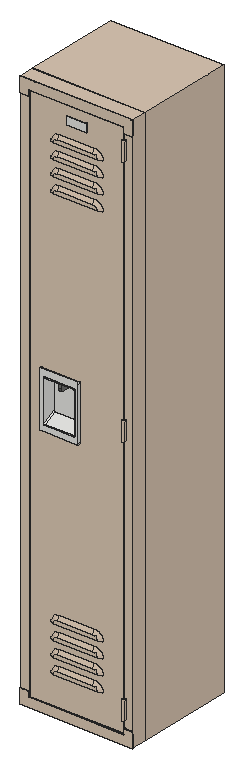
Revit family "Locker_SalsburyInd_Metal-1-Tier-Single", category Specialty Equipment, Revit 2024 (continued)
Definition of nested family "ML_Base Type"
  Automatic sketch dimensions
    plane 14 to Extrusion 2 sketch curve = 0.000"
    Extrusion 2 sketch curve to plane 5 "Left Side of Unit" = 0.000"
    plane 8 "Front of Unit" to Extrusion 2 sketch curve = 0.000"
    Extrusion 2 sketch curve to plane 20 "Inside Edge or Left Rear Leg" = 0.000"
    plane 14 to Extrusion 2 sketch curve = 0.060"
    plane 8 "Front of Unit" to Extrusion 2 sketch curve = 0.060"
    plane 10 "Left Side of Door Opening" to Extrusion 2 sketch curve = 0.060"
    plane 5 "Left Side of Unit" to Extrusion 2 sketch curve = 0.060"
    plane 11 "Back Edge of Front Facing" to Extrusion 1 sketch curve = 0.000"
    Extrusion 1 sketch curve to plane 13 "Inside Edge of Right Leg" = 0.000"
    plane 14 to Extrusion 1 sketch curve = 0.000"
    Extrusion 1 sketch curve to plane 6 "Right Side of Unit" = 0.000"
    plane 8 "Front of Unit" to Extrusion 1 sketch curve = 0.000"
    Extrusion 1 sketch curve to plane 19 "Inside Edge or Rear Right Leg" = 0.000"
    Extrusion 1 sketch curve to plane 14 = 0.060"
    Extrusion 1 sketch curve to plane 8 "Front of Unit" = 0.060"
    plane 9 "Right Side of Door Opening" to Extrusion 1 sketch curve = 0.060"
    plane 6 "Right Side of Unit" to Extrusion 1 sketch curve = 0.060"
Definition of nested family "ML_Base Side"
  Parameters (values of type "Zee Base Corner")
    Zee Corner = yes
    Zee = no
    Width including Rivet [instance] = 1.290"
    Leg = no
    Locker Depth [instance] = 12.010"
    Version = "1.0 (11/30/15)"
    Type Comments = "End Base for Standard Metal Lockers"
    Model = ""
    MasterFormat Title = ""
    MasterFormat Number = ""
    Manufacturer = "Salsbury Industries"
    Finish [instance] = none
    Description = ""
    Width = 4.000"
    Height = 4.000"
    Default Elevation = 0.000"
    Assembly Code = ""
  Types (4): name | Zee Corner | Zee | Leg | Locker Depth
    Leg Side Base Cover | no | no | yes | 10.362"
    Zee Base Cover | no | yes | no | 12.010"
    None | yes | no | no | 10.362"
    Zee Base Corner | yes | no | no | 12.010"
  Reference planes (in)
    plane 1 "Center (Front/Back)": y = 0
    plane 2: z = 0
    plane 3 "Center (Left/Right)": x = 3.99
    plane 4 "Floor": z = 0
    plane 5 "Locker Edge": x = 5.99
    plane 6 "Left Edge of Enclosure": y = -4.357
    plane 7 "Right Edge of Enclosure": y = 6.005
    plane 8 "Bottom Edge of Enclosure": z = 0.06
    plane 9 "Left Edge of Base": x = 1.99
    plane 10: y = -6.005
  Forms (in)
    Extrusion 1, solid, material <- "Finish", visible <- "Zee"
      sketch origin (0, 0, 0) x (0, -1, 0) y (1, 0, 0)
        loop
          line (-6.005, 1.99) -> (4.357, 1.99) -> (4.357, 5.99) -> (-6.005, 5.99) -> (-6.005, 1.99)
      from 0.06 to 4
    Extrusion 2, solid, material <- "Finish", visible <- "Leg"
      sketch origin (5.99, 0.794, 0) x (0, 0, -1) y (0, -1, 0)
        loop
          line (-6, 5.211) -> (-6, -4.211) -> (-0.06, -4.211) -> (-0.06, 5.211) -> (-6, 5.211)
      from 0 to 1.25
    Extrusion 3, solid, material <- "Finish", visible <- "Zee Corner"
      sketch origin (6.99, -5.357, 0) x (1, 0, 0) y (0, 1, 0)
        loop
          line (-1, 1) -> (-1, 0.94) -> (0.94, 0.94) -> (0.94, -1) -> (1, -1) -> (1, 1) -> (-1, 1)
      from 0 to 3.94
  Dimensions and locks (in)
    "Width": plane 9 "Left Edge of Base" to plane 5 "Locker Edge"
    equal spacing: plane 9 "Left Edge of Base", plane 3 "Center (Left/Right)", plane 5 "Locker Edge"
    locked: plane 4 "Floor" to plane 8 "Bottom Edge of Enclosure" at 0.06
    equal spacing: plane 10, plane 1 "Center (Front/Back)", plane 7 "Right Edge of Enclosure"
    "Locker Depth": plane 10 to plane 7 "Right Edge of Enclosure"
    locked: plane 6 "Left Edge of Enclosure" to plane 10 at 1.648
    locked: plane 10 to Extrusion 2 sketch curve at 1.588
    locked: Extrusion 2 sketch curve to plane 7 "Right Edge of Enclosure" at 1
    aligned and locked: level to plane 2
    aligned and locked: Extrusion 1 to plane 7 "Right Edge of Enclosure"
    aligned and locked: plane 8 "Bottom Edge of Enclosure" to Extrusion 1
    aligned and locked: Extrusion 1 sketch curve to plane 9 "Left Edge of Base"
  Automatic sketch dimensions
    Extrusion 1 sketch curve to plane 5 "Locker Edge" = 0.000"
    plane 7 "Right Edge of Enclosure" to Extrusion 1 sketch curve = 0.000"
    Extrusion 1 sketch curve to plane 6 "Left Edge of Enclosure" = 0.000"
    level to Extrusion 2 sketch curve = 0.060"
    Extrusion 2 sketch curve to plane 8 "Bottom Edge of Enclosure" = 5.940"
    Extrusion 3 sketch curve to plane 5 "Locker Edge" = 0.000"
    plane 6 "Left Edge of Enclosure" to Extrusion 3 sketch curve = 0.000"
    plane 6 "Left Edge of Enclosure" to Extrusion 3 sketch curve = 0.060"
    Extrusion 3 sketch curve to Extrusion 3 sketch curve = 1.940"
    Extrusion 3 sketch curve to Extrusion 3 sketch curve = 0.060"
    Extrusion 3 sketch curve to plane 10 = 0.352"
Definition of nested family "ML_End Panel"
  Parameters (values of type "Double")
    controldepth [instance] = if(Single End Panel, Depth, Depth * 2)  # 24.020"
    Width = 0.925"
    Visible = yes
    Version = "1.0 (11/30/15)"
    Type Comments = "Finished Double End Panel for Standard Metal Lockers"
    Single End Panel = no
    Model = ""
    MasterFormat Title = ""
    MasterFormat Number = ""
    Manufacturer = "Salsbury Industries"
    Height [instance] = 60.000"
    Finish [instance] = none
    Description = "Double End Panel"
    Depth [instance] = 12.010"
    Default Elevation = 0.000"
    Base Height [instance] = 0.750"
    Assembly Code = ""
  Types (3): name | controldepth | Visible | Type Comments | Single End Panel | Model | Height | Description
    Single | 12.010" | yes | "Finished End Panel for Standard Metal Lockers" | yes | "" | 60.000" | "End Panel"
    None | 12.010" | no | "Finished End Panel for Standard Metal Lockers" | yes | "n/a" | 72.000" | ""
    Double | 24.020" | yes | "Finished Double End Panel for Standard Metal Lockers" | no | "" | 60.000" | "Double End Panel"
  Reference planes (in)
    plane 1 "Center (Front/Back)": y = -2.167
    plane 2: z = 0
    plane 3 "Center (Left/Right)": x = -4.595
    plane 4 "Bottom of Panel": z = 0
    plane 5 "Top of Panel": z = 60
    plane 6 "Front of Panel": y = -14.177
    plane 7 "Right Side of Enclosure": x = -4.1325
    plane 8 "Left Side of Enclosure": x = -5.0575
    plane 9 "Back of Panel": y = 9.843
    plane 10: z = 30
    plane 11: z = 58.283
    plane 12: z = 1.717
    plane 13 "Outside Edge of Front Flap": y = -14.23714
    plane 14 "Outside Edge of Back Flap": y = 9.903
    plane 15: z = -0.75
  Forms (in)
    Extrusion 1, solid, material <- "Finish", visible <- "Visible"
      sketch origin (-4.1325, 0.48244, 0) x (0, 0, -1) y (0, -1, 0)
        loop
          line (-60, 14.71958) -> (-60, -9.42056) -> (0.75, -9.42056) -> (0.75, 14.71958) -> (-60, 14.71958)
      from 0 to -0.06
    Extrusion 2, solid, material <- "Finish", visible <- "Visible"
      sketch origin (0, 9.843, 0) x (0, 0, -1) y (1, 0, 0)
        loop
          line (-60, -5.0575) -> (0.75, -5.0575) -> (0.75, -4.1325) -> (-60, -4.1325) -> (-60, -5.0575)
      from 0 to -0.06
    Extrusion 3, solid, material <- "Finish", visible <- "Visible"
      sketch origin (0, -14.177, 0) x (1, 0, 0) y (0, 0, 1)
        loop
          line (-5.0575, 58.283) -> (-5.0575, 1.717) -> (-4.1325, 1.717) -> (-4.1325, 58.283) -> (-5.0575, 58.283)
      from 0.06014 to 0
  Dimensions and locks (in)
    equal spacing: plane 6 "Front of Panel", plane 1 "Center (Front/Back)", plane 9 "Back of Panel"
    "controldepth": plane 6 "Front of Panel" to plane 9 "Back of Panel"
    equal spacing: plane 8 "Left Side of Enclosure", plane 3 "Center (Left/Right)", plane 7 "Right Side of Enclosure"
    "Width": plane 8 "Left Side of Enclosure" to plane 7 "Right Side of Enclosure"
    locked: plane 5 "Top of Panel" to plane 11 at 1.717
    locked: plane 13 "Outside Edge of Front Flap" to plane 6 "Front of Panel" at 0.06014
    locked: plane 9 "Back of Panel" to plane 14 "Outside Edge of Back Flap" at 0.06
    "Base Height": level to plane 15
    locked: plane 12 to level at 1.717
    equal spacing: plane 5 "Top of Panel", plane 10, level
    "Height": plane 5 "Top of Panel" to level
    aligned and locked: level to plane 2
    aligned and locked: plane 5 "Top of Panel" to Extrusion 1 sketch curve
    aligned and locked: plane 5 "Top of Panel" to Extrusion 2 sketch curve
    aligned and locked: Extrusion 2 to plane 9 "Back of Panel"
    aligned and locked: plane 11 to Extrusion 3 sketch curve
    aligned and locked: plane 6 "Front of Panel" to Extrusion 3
    aligned and locked: plane 14 "Outside Edge of Back Flap" to Extrusion 2
    aligned and locked: Extrusion 1 to plane 14 "Outside Edge of Back Flap"
    aligned and locked: plane 13 "Outside Edge of Front Flap" to Extrusion 3
    aligned and locked: plane 7 "Right Side of Enclosure" to Extrusion 2
    aligned and locked: Extrusion 3 to plane 7 "Right Side of Enclosure"
    aligned and locked: Extrusion 1 to plane 15
    aligned and locked: Extrusion 2 to plane 15
  Automatic sketch dimensions
    Extrusion 1 sketch curve to level = 0.750"
    Extrusion 2 sketch curve to level = 0.750"
    plane 8 "Left Side of Enclosure" to Extrusion 2 sketch curve = 0.000"
    plane 7 "Right Side of Enclosure" to Extrusion 2 sketch curve = 0.000"
    plane 8 "Left Side of Enclosure" to Extrusion 3 sketch curve = 0.000"
    Extrusion 3 sketch curve to plane 12 = 0.000"
    plane 7 "Right Side of Enclosure" to Extrusion 3 sketch curve = 0.000"
    Extrusion 1 sketch curve to plane 14 "Outside Edge of Back Flap" = 0.000"
    plane 6 "Front of Panel" to Extrusion 1 sketch curve = 0.06014"
Definition of nested family "ML_Front Filler"
  Parameters (values of type "Width as Specified")
    Width [instance] = 9.000"
    Visible = yes
    Version = "1.0 (11/30/15)"
    Type Comments = "Vertical Front Filler for Standard Metal Lockers"
    Model = ""
    MasterFormat Title = ""
    MasterFormat Number = ""
    Manufacturer = "Salsbury Industries"
    Height [instance] = 60.000"
    Finish [instance] = none
    Description = "Vertical Front Filler"
    Depth = 1.000"
    Default Elevation = 48.000"
    Base Height [instance] = 3.000"
    Assembly Code = ""
  Types (2): name | Width | Visible | Model | Height | Description | Depth
    None | 15.000" | no | "n/a" | 78.000" | "" | 1.500"
    Width as Specified | 9.000" | yes | "" | 60.000" | "Vertical Front Filler" | 1.000"
  Reference planes (in)
    plane 1 "Center (Front/Back)": y = -2.167
    plane 2: z = 0
    plane 3 "Center (Left/Right)": x = -4.595
    plane 4 "Bottom of Filler": z = 0
    plane 5 "Top of Panel": z = 63
    plane 6 "Front of Filler": y = -2.667
    plane 7 "Right Side of Filler": x = -0.095
    plane 8 "Left Side of Filler": x = -9.095
    plane 9 "Back of Filler": y = -1.667
    plane 10: z = 33
    plane 11: z = 3
  Forms (in)
    Extrusion 1, solid, material <- "Finish", visible <- "Visible"
      sketch origin (0, 0, 0) x (0, -1, 0) y (1, 0, 0)
        loop
          line (1.667, -9.095) -> (2.667, -9.095) -> (2.667, -1.095) -> (2.619, -1.095) -> (2.619, -9.047) -> (1.667, -9.047) -> (1.667, -9.095)
      from 0 to 63
    Extrusion 2, solid, material <- "Finish", visible <- "Visible"
      sketch origin (0, -0.20425, 0) x (0, -1, 0) y (1, 0, 0)
        loop
          line (1.55875, -0.095) -> (1.55875, -0.143) -> (2.51075, -0.143) -> (2.51075, -0.82524) -> (2.36675, -0.82524) -> (2.36675, -1.80024) -> (2.41475, -1.80024) -> (2.41475, -1.095) -> (2.46275, -1.095) -> (2.46275, -1.595) -> (2.55875, -1.595) -> (2.55875, -0.095) -> (1.55875, -0.095)
      from 0 to 63
  Dimensions and locks (in)
    equal spacing: plane 6 "Front of Filler", plane 1 "Center (Front/Back)", plane 9 "Back of Filler"
    "Depth": plane 6 "Front of Filler" to plane 9 "Back of Filler"
    equal spacing: plane 8 "Left Side of Filler", plane 3 "Center (Left/Right)", plane 7 "Right Side of Filler"
    "Width": plane 8 "Left Side of Filler" to plane 7 "Right Side of Filler"
    "Height": plane 5 "Top of Panel" to plane 11
    equal spacing: plane 5 "Top of Panel", plane 10, plane 11
    "Base Height": plane 11 to level
    locked: Extrusion 1 sketch curve to plane 7 "Right Side of Filler" at 1
    Extrusion 2 sketch curve to Extrusion 2 sketch curve to Extrusion 2 sketch curve to Extrusion 2 sketch curve to plane 7 "Right Side of Filler" = 0.20524" locked, 0.500" locked, 0.26976" locked, 0.73024" locked
    aligned and locked: level to plane 2
    aligned and locked: Extrusion 1 to plane 5 "Top of Panel"
    aligned and locked: Extrusion 2 to plane 5 "Top of Panel"
  Automatic sketch dimensions
    plane 9 "Back of Filler" to Extrusion 1 sketch curve = 0.000"
    plane 6 "Front of Filler" to Extrusion 1 sketch curve = 0.000"
    Extrusion 1 sketch curve to plane 8 "Left Side of Filler" = 0.000"
    Extrusion 1 sketch curve to plane 6 "Front of Filler" = 0.048"
    Extrusion 1 sketch curve to Extrusion 1 sketch curve = 0.048"
    Extrusion 2 sketch curve to plane 7 "Right Side of Filler" = 0.000"
    plane 6 "Front of Filler" to Extrusion 2 sketch curve = 0.000"
    Extrusion 2 sketch curve to plane 6 "Front of Filler" = 0.048"
    Extrusion 2 sketch curve to Extrusion 2 sketch curve = 0.048"  (x2)
    plane 9 "Back of Filler" to Extrusion 2 sketch curve = 0.096"
    Extrusion 2 sketch curve to Extrusion 2 sketch curve = 0.096"
    plane 7 "Right Side of Filler" to Extrusion 2 sketch curve = 0.048"
Definition of nested family "ML_Top Filler"
  Parameters (values of type "Flat Top In-Line")
    Width [instance] = 15.000"
    Version = "1.0 (11/30/15)"
    Type Comments = "Flat Top In-Line Filler for Standard Metal Lockers"
    Sloped Height [instance] = if(Depth = 12.000", 6.625", if(Depth = 15.000", 8.682", if(Depth = 18.000", 10.739", 0.000")))  # 6.625"
    SlopeInline = no
    SlopeCorner = no
    Model = ""
    MasterFormat Title = ""
    MasterFormat Number = ""
    Manufacturer = "Salsbury Industries"
    FlatInline = yes
    FlatCorner = no
    Finish [instance] = none
    Description = "Flat Top In-Line Filler"
    Depth [instance] = 12.000"
    Default Elevation = 48.000"
    Corner Width [instance] = Depth + 0.625"  # 12.625"
    Assembly Code = ""
  Types (5): name | Type Comments | SlopeInline | SlopeCorner | FlatInline | FlatCorner | Description
    None | "Top Filler for Standard Metal Lockers" | no | no | no | no | "Top Filler"
    Sloped In-Line | "Sloping Hood In-Line Filler for Standard Metal Lockers" | yes | no | no | no | "Sloping Hood In-Line Filler"
    Flat Top In-Line | "Flat Top In-Line Filler for Standard Metal Lockers" | no | no | yes | no | "Flat Top In-Line Filler"
    Flat Top Corner | "Flat Top Corner Filler for Standard Metal Lockers" | no | no | no | yes | "Flat Top Corner Filler"
    Sloped Corner | "Sloping Hood Corner Filler for Standard Metal Lockers" | no | yes | no | no | "Sloping Hood Corner Filler"
  Reference planes (in)
    plane 1 "Center (Front/Back)": y = -2.167
    plane 2: z = 0
    plane 3 "Center (Left/Right)": x = -4.595
    plane 4 "Bottom of Panel": z = 0
    plane 5 "Front of Panel": y = -8.167
    plane 6 "Right Side of Enclosure": x = 10.405
    plane 7 "Back of Panel": y = 3.833
    plane 8: z = 6.625
    plane 9: y = -8.2295
    plane 10: x = -5.22
  Forms (in)
    Extrusion 1, solid, material <- "Finish", visible <- "SlopeInline"
      sketch origin (-4.595, 0, 0) x (0, 1, 0) y (0, 0, 1)
        loop
          line (-8.2775, 0.04551) -> (-8.2775, -1.028) -> (-8.2295, -1.028) -> (-8.2295, 0) -> (3.833, 6.625) -> (3.833, 6.69688) -> (-8.2775, 0.04551)
      from 0 to 15
    Extrusion 2, solid, material <- "Finish", visible <- "FlatInline"
      sketch origin (-4.595, 0.26285, 0) x (0, 1, 0) y (0, 0, 1)
        loop
          line (-8.54035, -1.028) -> (-8.49235, -1.028) -> (-8.49235, 0) -> (3.57015, 0) -> (3.57015, 0.048) -> (-8.54035, 0.048) -> (-8.54035, -1.028)
      from 0 to 15
    Extrusion 3, solid, material <- "Finish", visible <- "FlatCorner"
      sketch origin (6.3125, -0.3125, 0) x (0, -1, 0) y (1, 0, 0)
        loop
          line (7.8545, -11.5325) -> (7.8545, -10.9075) -> (8.4795, -10.9075) -> (8.4795, 1.0925) -> (-4.1455, 1.0925) -> (-4.1455, -11.5325) -> (7.8545, -11.5325)
      from 0 to 0.048
    Extrusion 4, solid, material <- "Finish", visible <- "SlopeCorner"
      sketch origin (-5.22, -180, 0.048) x (0, 0, 1) y (0, -1, 0)
        loop
          line (-0.00249, -171.7225) -> (-0.048, -171.7225) -> (-0.048, -171.7705) -> (6.577, -183.833) -> (6.64888, -183.833) -> (-0.00249, -171.7225)
      from 0 to 12.625 <- "Corner Width"
    Extrusion 5, solid, material <- "Finish", visible <- "SlopeCorner"
      sketch origin (0.34565, 3.833, -4.20312) x (0, 0, -1) y (1, 0, 0)
        loop
          line (-4.24872, -5.05115) -> (-4.20312, -5.05115) -> (-4.20312, -5.00315) -> (-10.82812, 7.05935) -> (-10.90008, 7.05935) -> (-4.24872, -5.05115)
      from 0 to 12.625 <- "Corner Width"
    Extrusion 6, void
      sketch origin (0, 0, 0) x (0, -1, 0) y (1, 0, 0)
        loop
          line (-3.833, -5.22) -> (8.792, -5.22) -> (-3.833, 7.405) -> (-3.833, -5.22)
      from -1.028 to 21.6885
    Extrusion 7, void
      sketch origin (3.572, -3.572, 0) x (-1, 0, 0) y (0, -1, 0)
        loop
          line (-3.833, 5.22) -> (-3.833, -7.405) -> (8.2775, 4.7055) -> (8.2775, 5.22) -> (-3.833, 5.22)
      from 19.08316 to -2.57539
  Cuts and joins
    Extrusion 7 cuts Extrusion 4
    Extrusion 6 cuts Extrusion 5
  Dimensions and locks (in)
    equal spacing: plane 5 "Front of Panel", plane 1 "Center (Front/Back)", plane 7 "Back of Panel"
    "Depth": plane 5 "Front of Panel" to plane 7 "Back of Panel"
    "Width": plane 3 "Center (Left/Right)" to plane 6 "Right Side of Enclosure"
    "Sloped Height": plane 8 to level
    locked: plane 9 to plane 5 "Front of Panel" at 0.0625
    locked: Extrusion 1 sketch curve to Extrusion 1 sketch curve at 0.063
    locked: Extrusion 1 sketch curve to plane 9 at 0.048
    Extrusion 2 sketch curve to plane 9 to Extrusion 2 sketch curve = 0.048" locked, 0.000" locked
    "Corner Width": Extrusion 3 sketch curve to plane 7 "Back of Panel"
    "Corner Width": Extrusion 3 sketch curve to Extrusion 3 sketch curve
    locked: Extrusion 3 sketch curve to plane 3 "Center (Left/Right)" at 0.625
    locked: Extrusion 4 sketch curve to plane 9 at 0.048
    locked: Extrusion 4 sketch curve to Extrusion 4 sketch curve at 0.063
    locked: plane 3 "Center (Left/Right)" to plane 10 at 0.625
    "Corner Width": plane 10 to Extrusion 6 sketch curve
    "Corner Width": Extrusion 6 sketch curve to plane 7 "Back of Panel"
    "Corner Width": Extrusion 7 sketch curve to plane 7 "Back of Panel"
    "Corner Width": plane 10 to Extrusion 7 sketch curve
    "Corner Width": Extrusion 5 sketch curve to plane 10
    locked: Extrusion 5 sketch curve to Extrusion 5 sketch curve at 0.06308
    plane 3 "Center (Left/Right)" to Extrusion 5 sketch curve to Extrusion 5 sketch curve = 0.0625" locked, 0.048" locked
    locked: Extrusion 7 sketch curve to plane 3 "Center (Left/Right)" at 0.1105
    aligned and locked: level to plane 2
    aligned and locked: Extrusion 1 to plane 6 "Right Side of Enclosure"
    aligned and locked: Extrusion 1 to plane 3 "Center (Left/Right)"
    aligned and locked: plane 8 to Extrusion 1 sketch curve
    aligned and locked: Extrusion 1 sketch curve to plane 7 "Back of Panel"
    aligned and locked: level to Extrusion 1 sketch curve
    aligned and locked: Extrusion 1 sketch curve to plane 9
    aligned and locked: plane 7 "Back of Panel" to Extrusion 2 sketch curve
    aligned and locked: Extrusion 2 to plane 3 "Center (Left/Right)"
    aligned and locked: Extrusion 2 to plane 6 "Right Side of Enclosure"
    aligned and locked: plane 3 "Center (Left/Right)" to Extrusion 3 sketch curve
    aligned and locked: Extrusion 3 sketch curve to plane 5 "Front of Panel"
    aligned and locked: plane 9 to Extrusion 4 sketch curve
    aligned and locked: Extrusion 4 sketch curve to level
    aligned and locked: plane 8 to Extrusion 4 sketch curve
    aligned and locked: plane 7 "Back of Panel" to Extrusion 4 sketch curve
    aligned and locked: Extrusion 5 sketch curve to level
    aligned and locked: Extrusion 6 sketch curve to plane 7 "Back of Panel"
    aligned and locked: Extrusion 6 sketch curve to plane 10
    aligned and locked: plane 8 to Extrusion 5 sketch curve
  Automatic sketch dimensions
    Extrusion 1 sketch curve to level = 1.028"
    Extrusion 2 sketch curve to level = 0.000"
    Extrusion 2 sketch curve to level = 1.028"
    level to Extrusion 2 sketch curve = 0.048"
    plane 7 "Back of Panel" to Extrusion 3 sketch curve = 0.000"
    plane 7 "Back of Panel" to Extrusion 7 sketch curve = 0.000"
    plane 9 to Extrusion 7 sketch curve = 0.048"
